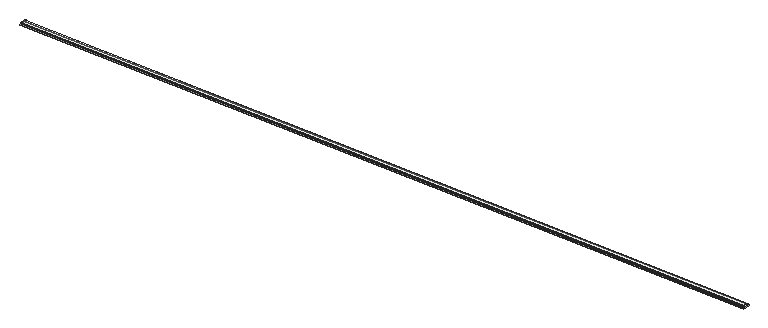
Revit family "3036880 Feilo Sylvania Lighting Fixture LUMISTRIP IP20 5M WW", category Lighting Fixtures, host Face, Revit 2017
Family settings
  Host = Face
  Round Connector Dimension = Use Diameter
  Part Type = Normal
  OmniClass Number = 23.80.70.00
  OmniClass Title = Lighting
  Cut with Voids When Loaded = No
  Light Source = Yes
  Shared = No
  Room Calculation Point = No
Parameters (values of type "3036880 LUMISTRIP IP20 1M WW ")
  Width_FEILO = 8 mm
  Weight = "3.2 kg"
  Wattage Comments = "n/a"
  Wattage = 24 W
  WarrantyStartDate [instance] = "n/a"
  WarrantyGuarantorParts = "n/a"
  WarrantyDurationUnit = "n/a"
  WarrantyDurationParts = "n/a"
  WarrantyDescription = "n/a"
  built-in parameter 1150110 = 1 (stored number, unit not read)
  Voltage = 24 V
  URL = "http://www.sylvania-lighting.com"
  TypeName = "LUMISTRIP IP20 5M WW"
  Type Image = <None>
  Type Comments = "n/a"
  built-in parameter 1114217 = 1 (stored number, unit not read)
  Tilt Angle = -90.00°
  built-in parameter 1150109 = 1 (stored number, unit not read)
  built-in parameter 1150134 = (empty or 0)
  built-in parameter 1150113 = 1 (stored number, unit not read)
  SerialNumber [instance] = "n/a"
  Radius_FEILO = 0.5 mm
  PowerFactor = 0
  PowerConsumption = "24 W"
  Photometric Web File = "3036880.ies"
  NominalLength = 5000 mm
  NominalHeight = 3 mm
  NominalDepth = 8 mm
  Name = "LUMISTRIP IP20 5M WW"
  ModelReference = Name  # "LUMISTRIP IP20 5M WW"
  ModelNumber = "3036880"
  Model = Name  # "LUMISTRIP IP20 5M WW"
  Material_4_FEILO = none
  Material_3_FEILO = Diffuser-Sylvania-Lumistrip-Transparent
  Material_2_FEILO = Body-Sylvania-Lumistrip-Aluminium
  Material_1_FEILO = LED-Sylvania-Lumistrip
  Material = "n/a"
  ManufacturerName = "Feilo Sylvania"
  Manufacturer = "Feilo Sylvania"
  LuminousEfficacy = "70.62 lm/W"
  built-in parameter 1150105 = 594.45 (stored number, unit not read)
  Lumens = 1694.88 lm
  LuminaireType = ""
  built-in parameter 1150115 = 1 (stored number, unit not read)
  LightOutputRatio = "100"
  built-in parameter 1150137 = (empty or 0)
  built-in parameter 1150139 = (empty or 0)
  Length_FEILO = 1000 mm
  LampsType = Lamp  # "LED"
  LampNominalLuminous = "1780 (356/metre) lm"
  LampMacAdamStep = "n/a"
  LampColourTemperature = "3000 K"
  LampColourRenderingIndex = "0"
  built-in parameter 1150112 = 1 (stored number, unit not read)
  built-in parameter 1150114 = 1 (stored number, unit not read)
  Lamp = "LED"
  Keynote = "16500"
  InstallationDate [instance] = "n/a"
  InputVoltage = "24V DC"
  InputNominalFrequency = "n/a"
  built-in parameter 1150132 = (empty or 0)
  built-in parameter 1150102 = (empty or 0)
  built-in parameter 1150107 = 3000 (stored number, unit not read)
  built-in parameter 1150138 = (empty or 0)
  IngressProtection = "IP20"
  ImpactProtectionIndex = "n/a"
  built-in parameter 1150106 = 5.9445 (stored number, unit not read)
  IfcExportType = "IfcLightFixtureType"
  IfcExportAs = "IfcLightFixtureType"
  Height_FEILO = 3 mm
  ExpectedLife = 50000
  Emit from Rectangle Width = Width_FEILO  # 8 mm
  Emit from Rectangle Length = Length_FEILO  # 1000 mm
  Emit Shape Visible in Rendering = no
  ElectricShockClassification = "Class III"
  built-in parameter 1150104 = 6.5608 (stored number, unit not read)
  DurationUnit = "hours"
  DocumentationLiterature = "http://www.sylvania-lighting.com/product/en-int/products/3036880"
  DimmingControlOptions = "n/a"
  Dimming Lamp Color Temperature Shift = <None>
  Description = "5 metre warm white IP20 LED reel with pre-attached 3M adhesive tape, 1780 lumens, 24W, 74lm/W, 24V, 3000K, IP20, 50,000hrs (L70), (LxWxD) 5000x8x3mm"
  Default Elevation = 1219.2 mm
  CreatedOn = "2/20/2018"
  CreatedBy = ""
  Cost = 0
  Color Filter = 16777215
  built-in parameter 1114216 [instance] = (empty or 0)
  ClassificationValue = "EF_70_80"
  ClassificationName = "Uniclass2015"
  BarCode [instance] = "n/a"
  built-in parameter 1114218 = 1 (stored number, unit not read)
  built-in parameter 1150133 = 10 (stored number, unit not read)
  AssetType = "Fixed"
  AssetIdentifier [instance] = "n/a"
  Assembly Code = "D5020200"
  Apparent Load = 24 VA
Types (5, lengths in mm): name | Length_FEILO | Emit from Rectangle Length
  3036880 LUMISTRIP IP20 1M WW | 1000 | 1000
  3036880 LUMISTRIP IP20 500MM WW | 500 | 500
  3036880 LUMISTRIP IP20 100MM WW | 100 | 100
  3036880 LUMISTRIP IP20 50MM WW | 50 | 50
  3036880 LUMISTRIP IP20 20MM WW | 20 | 20
Reference planes
  plane 1 "Center (Front/Back)": y = 0
  plane 2: z = 0
  plane 3 "Center (Left/Right)": x = 0
  plane 4: x = 1000
  plane 5: y = 4
  plane 6: y = -4
  plane 7: z = 3
  plane 8: z = 1
  plane 9: y = -3.5
  plane 10: y = 3.5
  plane 11: z = 2.5
  plane 12: x = 500
Forms (mm)
  Extrusion 1, solid, material "Body-Sylvania-Lumistrip-Aluminium" <- "Material_2_FEILO"
    sketch origin (0, 0, 0) x (0, 1, 0) y (0, 0, 1)
      loop
        line (-4, 0) -> (4, 0) -> (4, 1) -> (-4, 1) -> (-4, 0)
    from 0 to 1000
  Extrusion 2, solid, material "Diffuser-Sylvania-Lumistrip-Transparent" <- "Material_3_FEILO"
    sketch origin (0, 0, 0) x (0, 1, 0) y (0, 0, 1)
      loop
        line (-4, 1) -> (4, 1) -> (4, 2.5)
        arc (4, 2.5) -> (3.854, 2.854) -> (3.5, 3) r 0.5
        line (3.5, 3) -> (-3.5, 3)
        arc (-3.5, 3) -> (-3.854, 2.854) -> (-4, 2.5) r 0.5
        line (-4, 2.5) -> (-4, 1)
    from 0 to 1000
Dimensions and locks
  "Length_FEILO": plane 3 "Center (Left/Right)" to plane 4
  equal spacing: plane 6, plane 1 "Center (Front/Back)", plane 5
  "Width_FEILO": plane 6 to plane 5
  "Height_FEILO": plane 7 to plane 2
  locked: plane 8 to plane 2 at 1
  equal spacing: plane 9, plane 1 "Center (Front/Back)", plane 10
  "Radius_FEILO": plane 6 to plane 9
  "Radius_FEILO": plane 11 to plane 7
  equal spacing: plane 3 "Center (Left/Right)", plane 12, plane 4
  aligned and locked: plane 2 to host face
  aligned and locked: level to host face
  aligned and locked: Extrusion 1 sketch curve to level
  aligned and locked: plane 6 to Extrusion 1 sketch curve
  aligned and locked: Extrusion 1 sketch curve to plane 8
  aligned and locked: Extrusion 1 sketch curve to plane 5
  aligned and locked: Extrusion 1 to plane 3 "Center (Left/Right)"
  aligned and locked: plane 4 to Extrusion 1
  aligned and locked: Extrusion 1 to Extrusion 2 sketch curve  (x2)
  aligned and locked: Extrusion 2 sketch curve to Extrusion 1  (x2)
  aligned and locked: plane 10 to Extrusion 2 sketch curve  (x2)
  aligned and locked: Extrusion 2 sketch curve to plane 7
  aligned and locked: plane 11 to Extrusion 2 sketch curve  (x3)
  aligned and locked: plane 9 to Extrusion 2 sketch curve
  aligned and locked: Extrusion 2 to plane 3 "Center (Left/Right)"
  aligned and locked: plane 4 to Extrusion 2
  aligned and locked: plane 12 to imposter light
  aligned and locked: imposter light to plane 7
  aligned and locked: imposter light to plane 1 "Center (Front/Back)"
Automatic sketch dimensions
  host sketch curve to host sketch curve = 2438.4 mm  (x2)
Connectors
  electrical at (0, 0, 0), driven by "Apparent Load", driven by "PowerFactor", driven by "Voltage"
    settings: index 1, voltage 24 V, apparent load 24 VA, apparent load phase1 0 VA, apparent load phase2 0 VA, apparent load phase3 0 VA, power factor 0, load classification "Lighting", number of poles 1, system type 30, power factor state 1, is connector primary yes, connector utility no, sub classification motor no, connector description ""
